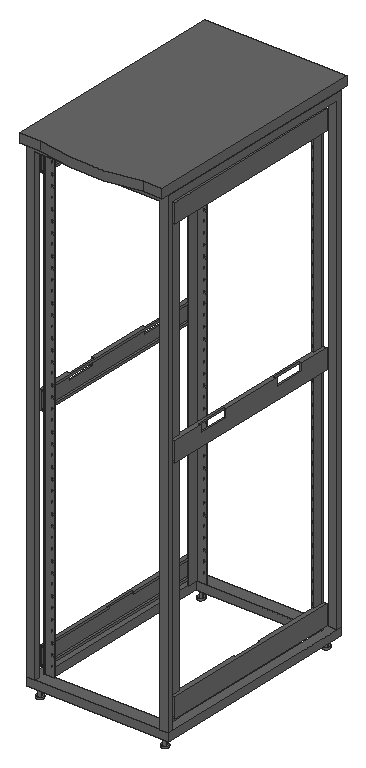
Revit family "V61A-45U-Without doors-09.04.14", category Electrical Equipment, Revit 2013
Parameters (values of type "V61A-45U")
  Weight = 0.00 lbf
  Visibility Door Right [instance] = and(Side Panel Right, not(Hide Doors))  # no
  Visibility Door Left [instance] = and(Side Panel Left, not(Hide Doors))  # no
  Visibility Door Front [instance] = and(Door Front, not(Hide Doors))  # no
  Visibility Door Back [instance] = and(Door Back, not(Hide Doors))  # no
  Version = ""
  Usable Depth = 806.00 mm
  U/M = "EA"
  U Space = "45"
  System = "VPOD"
  Side Panel Right = no
  Side Panel Left = no
  Serial Number = ""
  Segment = "CSS"
  Ports = 0
  Mounting rail 45 U = SIEMON STEEL
  Mounting Rail Material = SIEMON STEEL
  Model = "V61A"
  Metal = SIEMON STEEL
  Manufacturer = "SIEMON"
  Lock = ""
  Loaded/Empty = "N/A"
  Item Group = "RACKS"
  Item Class = "1F"
  Hide Doors [instance] = no
  Door Front = no
  Door Construction Side = if(and(Side Panel Right, Side Panel Left), 2, if(and(not(Side Panel Right), not(Side Panel Left)), 0, 1))  # 0
  Door Construction Front = ""
  Door Construction Back = ""
  Door Back = no
  Description = "WARNING: PLEASE RELOAD FAMILY USING THE TYPE CATALOG"
  Color = "BLACK"
  Cabinet Width Overall = 600.00 mm
  Cabinet Height = 2150.00 mm
  Cabinet Depth = 1000.00 mm
Reference planes
  plane 1 "Center (Front/Back)": y = 0
  plane 2: z = 0
  plane 3 "Center (Left/Right)": x = 0
  plane 4: z = 2011.4
  plane 5: z = 1966.95
  plane 6: z = 1922.5
  plane 7: z = 1878.05
  plane 8: z = 1833.6
  plane 9: z = 1789.15
  plane 10: z = 1744.7
  plane 11: z = 1700.25
  plane 12: z = 1655.8
  plane 13: z = 1611.35
  plane 14: z = 1566.9
  plane 15: z = 1522.45
  plane 16: z = 1478
  plane 17: z = 1433.55
  plane 18: z = 1389.1
  plane 19: z = 1344.65
  plane 20: z = 1300.2
  plane 21: z = 1255.75
  plane 22: z = 1211.3
  plane 23: z = 1166.85
  plane 24: z = 1122.4
  plane 25: z = 1077.95
  plane 26: z = 1033.5
  plane 27: z = 989.05
  plane 28: z = 944.6
  plane 29: z = 900.15
  plane 30: z = 855.7
  plane 31: z = 811.25
  plane 32: z = 766.8
  plane 33: z = 722.35
  plane 34: z = 677.9
  plane 35: z = 633.45
  plane 36: z = 589
  plane 37: z = 544.55
  plane 38: z = 500.1
  plane 39: z = 455.65
  plane 40: z = 411.2
  plane 41: z = 366.75
  plane 42: z = 322.3
  plane 43: z = 277.85
  plane 44: z = 233.4
  plane 45: z = 188.95
  plane 46: z = 144.5
  plane 47: z = 100.05
  plane 48: z = 2055.85
Forms (mm)
  Extrusion 1, solid, material "SIEMON STEEL" <- "Mounting rail 45 U"
    sketch origin (0, -15, 10) x (1, 0, 0) y (0, 1, 0)
      loop
        line (301.386, 985.014) -> (-298.7, 985.014) -> (-298.7, 75) -> (301.386, 75) -> (301.386, 985.014)
    from 2067.5 to 2098.45
  Extrusion 2, solid, material "SIEMON STEEL" <- "Mounting rail 45 U"
    sketch origin (0.137, -90, 0) x (1, 0, 0) y (0, 1, 0)
      loop
        line (266.25, 170.06) -> (266.25, 150) -> (301.25, 150) -> (301.25, 170.06) -> (266.25, 170.06)
      loop
        line (-298.75, 170.06) -> (-298.75, 150) -> (-263.75, 150) -> (-263.75, 170.06) -> (-298.75, 170.06)
      loop
        line (301.25, 1039.94) -> (301.25, 1060) -> (266.25, 1060) -> (266.25, 1039.94) -> (301.25, 1039.94)
      loop
        line (-298.75, 1039.94) -> (-263.75, 1039.94) -> (-263.75, 1060) -> (-298.75, 1060) -> (-298.75, 1039.94)
    from 76.059 to 2077.5
  Extrusion 3, solid, material "SIEMON STEEL" <- "Mounting Rail Material"
    sketch origin (0.02, 0, 10.625) x (1, 0, 0) y (0, 1, 0)
      loop
        line (-298.72, 968.662) -> (-298.72, 60.1) -> (301.366, 60.1) -> (301.366, 968.662) -> (-298.72, 968.662)
      loop
        line (-265, 913.302) -> (-265, 116.7) -> (265, 116.7) -> (265, 913.302) -> (-265, 913.302)
    from 31.504 to 65.034
  Extrusion 4, solid, material "Cold rolled steel (CRS)", detail levels medium+fine
    sketch origin (-25.335, 547.951, 0) x (1, 0, 0) y (0, 1, 0)
      loop
        circle (289.695, 392.503) r 15
    from 0 to 5.027
  Extrusion 5, solid
    sketch origin (114.531, 0, -10) x (1, 0, 0) y (0, 1, 0)
      loop
        circle (149.594, 940.281) r 6
    from 15.027 to 52.129
  Extrusion 6, solid, material "Cold rolled steel (CRS)", detail levels medium+fine
    sketch origin (554.046, 480.196, 0) x (-1, 0, 0) y (0, -1, 0)
      loop
        circle (289.695, 392.503) r 15
    from 0 to 5.027
  Extrusion 7, solid
    sketch origin (413.75, 1028.147, 3.439) x (-1, 0, 0) y (0, -1, 0)
      loop
        circle (149.594, 940.281) r 6
    from 1.589 to 38.69
  Extrusion 8, solid, material "SIEMON STEEL"
    sketch origin (0, -0.108, 10) x (1, 0, 0) y (0, 1, 0)
      loop
        line (-298.7, 27.143) -> (-215.3, 27.143)
        arc (-215.3, 27.143) -> (1.343, 0.448) -> (217.986, 27.143) r 892.42
        line (217.986, 27.143) -> (301.386, 27.143) -> (301.386, 1000.156) -> (-298.7, 1000.156) -> (-298.7, 27.143)
    from 2102.5 to 2140
  Extrusion 9, solid, material "Cold rolled steel (CRS)", detail levels medium+fine
    sketch origin (25.375, 547.951, 0) x (-1, 0, 0) y (0, -1, 0)
      loop
        circle (289.695, -392.503) r 15
    from 0 to 5.027
  Extrusion 10, solid
    sketch origin (-114.491, 0, -10) x (-1, 0, 0) y (0, -1, 0)
      loop
        circle (149.594, -940.281) r 6
    from 15.027 to 52.129
  Extrusion 11, solid, material "Cold rolled steel (CRS)", detail levels medium+fine
    sketch origin (-554.007, 480.196, 0) x (1, 0, 0) y (0, 1, 0)
      loop
        circle (289.695, -392.503) r 15
    from 0 to 5.027
  Extrusion 12, solid
    sketch origin (-413.71, 1028.147, 3.439) x (1, 0, 0) y (0, 1, 0)
      loop
        circle (149.594, -940.281) r 6
    from 1.589 to 38.69
Cuts and joins
  joined: Extrusion 1, Extrusion 2
Lines and regions (mm)
  model lines, detail levels coarse+fine
    curve 1: line (154.83, 904.97, 2151.25) -> (-156.781, 904.97, 2151.25)
    curve 2: line (-161.781, 899.97, 2151.25) -> (-161.781, 861.539, 2151.25)
    curve 3: line (-156.781, 856.539, 2151.25) -> (154.83, 856.539, 2151.25)
    curve 4: arc (-156.781, 904.97, 2151.25) -> (-160.317, 903.506, 2151.25) -> (-161.781, 899.97, 2151.25) r 5
    curve 5: arc (-161.781, 861.539, 2151.25) -> (-160.317, 858.003, 2151.25) -> (-156.781, 856.539, 2151.25) r 5
    curve 6: line (-158.781, 899.97, 2151.25) -> (-158.781, 877.002, 2151.25)
    curve 7: arc (-158.781, 861.539, 2151.25) -> (-158.196, 860.124, 2151.25) -> (-156.781, 859.539, 2151.25) r 2
    curve 8: line (-156.781, 859.539, 2151.25) -> (154.83, 859.539, 2151.25)
    curve 9: line (154.83, 901.97, 2151.25) -> (-156.781, 901.97, 2151.25)
    curve 10: arc (-156.781, 901.97, 2151.25) -> (-158.196, 901.385, 2151.25) -> (-158.781, 899.97, 2151.25) r 2
    curve 11: line (-158.781, 877.002, 2151.25) -> (-158.781, 861.539, 2151.25)
    curve 12: line (159.83, 899.97, 2151.25) -> (159.83, 861.539, 2151.25)
    curve 13: arc (154.83, 904.97, 2151.25) -> (158.366, 903.506, 2151.25) -> (159.83, 899.97, 2151.25) r 5
    curve 14: arc (159.83, 861.539, 2151.25) -> (158.366, 858.003, 2151.25) -> (154.83, 856.539, 2151.25) r 5
    curve 15: line (156.83, 899.97, 2151.25) -> (156.83, 877.002, 2151.25)
    curve 16: arc (156.83, 861.539, 2151.25) -> (156.244, 860.124, 2151.25) -> (154.83, 859.539, 2151.25) r 2
    curve 17: arc (154.83, 901.97, 2151.25) -> (156.244, 901.385, 2151.25) -> (156.83, 899.97, 2151.25) r 2
    curve 18: line (156.83, 877.002, 2151.25) -> (156.83, 861.539, 2151.25)
    curve 19: circle (228.086, 958.058, 2151.25) r 3.361 normal (0, 0, 1)
    curve 20: circle (-239.74, 958.058, 2151.25) r 3.361 normal (0, 0, -1)
    curve 21: circle (-259.391, 929.515, 2151.25) r 6.221 normal (0, 0, 1)
    curve 22: circle (257.661, 929.515, 2151.25) r 6.221 normal (0, 0, -1)
    curve 23: line (236.892, 762.002, 2151.25) -> (-238.02, 762.002, 2151.25)
    curve 24: line (240.895, 757.999, 2151.25) -> (236.892, 762.002, 2151.25)
    curve 25: circle (-162.497, 748.584, 2151.25) r 6.221 normal (0, 0, 1)
    curve 26: circle (163.18, 748.584, 2151.25) r 6.221 normal (0, 0, 1)
    curve 27: line (236.892, 589.225, 2151.25) -> (-238.02, 589.225, 2151.25)
    curve 28: line (-238.02, 589.225, 2151.25) -> (-242.023, 593.227, 2151.25)
    curve 29: line (-242.023, 593.227, 2151.25) -> (-242.023, 757.999, 2151.25)
    curve 30: line (240.895, 757.999, 2151.25) -> (240.895, 593.227, 2151.25)
    curve 31: line (240.895, 593.227, 2151.25) -> (236.892, 589.225, 2151.25)
    curve 32: circle (-162.497, 602.642, 2151.25) r 6.221 normal (0, 0, -1)
    curve 33: circle (163.18, 602.642, 2151.25) r 6.221 normal (0, 0, -1)
    curve 34: line (-242.023, 757.999, 2151.25) -> (-238.02, 762.002, 2151.25)
    curve 35: line (178.58, 213.08, 2151.25) -> (178.58, 524.692, 2151.25)
    curve 36: line (183.58, 529.692, 2151.25) -> (219.512, 529.692, 2151.25)
    curve 37: line (224.512, 524.692, 2151.25) -> (224.512, 213.08, 2151.25)
    curve 38: arc (178.58, 524.692, 2151.25) -> (180.045, 528.227, 2151.25) -> (183.58, 529.692, 2151.25) r 5
    curve 39: arc (219.512, 529.692, 2151.25) -> (223.048, 528.227, 2151.25) -> (224.512, 524.692, 2151.25) r 5
    curve 40: line (183.58, 526.692, 2151.25) -> (199.044, 526.692, 2151.25)
    curve 41: arc (219.512, 526.692, 2151.25) -> (220.926, 526.106, 2151.25) -> (221.512, 524.692, 2151.25) r 2
    curve 42: line (221.512, 524.692, 2151.25) -> (221.512, 213.08, 2151.25)
    curve 43: line (181.58, 213.08, 2151.25) -> (181.58, 524.692, 2151.25)
    curve 44: arc (181.58, 524.692, 2151.25) -> (182.166, 526.106, 2151.25) -> (183.58, 526.692, 2151.25) r 2
    curve 45: line (199.044, 526.692, 2151.25) -> (219.512, 526.692, 2151.25)
    curve 46: line (183.58, 208.08, 2151.25) -> (219.512, 208.08, 2151.25)
    curve 47: arc (178.58, 213.08, 2151.25) -> (180.045, 209.545, 2151.25) -> (183.58, 208.08, 2151.25) r 5
    curve 48: arc (219.512, 208.08, 2151.25) -> (223.048, 209.545, 2151.25) -> (224.512, 213.08, 2151.25) r 5
    curve 49: line (183.58, 211.08, 2151.25) -> (199.044, 211.08, 2151.25)
    curve 50: arc (219.512, 211.08, 2151.25) -> (220.926, 211.666, 2151.25) -> (221.512, 213.08, 2151.25) r 2
    curve 51: arc (181.58, 213.08, 2151.25) -> (182.166, 211.666, 2151.25) -> (183.58, 211.08, 2151.25) r 2
    curve 52: line (199.044, 211.08, 2151.25) -> (219.512, 211.08, 2151.25)
    curve 53: line (-179.708, 213.08, 2151.25) -> (-179.708, 524.692, 2151.25)
    curve 54: line (-184.708, 529.692, 2151.25) -> (-220.64, 529.692, 2151.25)
    curve 55: line (-225.64, 524.692, 2151.25) -> (-225.64, 213.08, 2151.25)
    curve 56: arc (-179.708, 524.692, 2151.25) -> (-181.172, 528.227, 2151.25) -> (-184.708, 529.692, 2151.25) r 5
    curve 57: arc (-220.64, 529.692, 2151.25) -> (-224.175, 528.227, 2151.25) -> (-225.64, 524.692, 2151.25) r 5
    curve 58: line (-184.708, 526.692, 2151.25) -> (-205.176, 526.692, 2151.25)
    curve 59: arc (-220.64, 526.692, 2151.25) -> (-222.054, 526.106, 2151.25) -> (-222.64, 524.692, 2151.25) r 2
    curve 60: line (-222.64, 524.692, 2151.25) -> (-222.64, 213.08, 2151.25)
    curve 61: line (-182.708, 213.08, 2151.25) -> (-182.708, 524.692, 2151.25)
    curve 62: arc (-182.708, 524.692, 2151.25) -> (-183.293, 526.106, 2151.25) -> (-184.708, 526.692, 2151.25) r 2
    curve 63: line (-205.176, 526.692, 2151.25) -> (-220.64, 526.692, 2151.25)
    curve 64: line (-184.708, 208.08, 2151.25) -> (-220.64, 208.08, 2151.25)
    curve 65: arc (-179.708, 213.08, 2151.25) -> (-181.172, 209.545, 2151.25) -> (-184.708, 208.08, 2151.25) r 5
    curve 66: arc (-220.64, 208.08, 2151.25) -> (-224.175, 209.545, 2151.25) -> (-225.64, 213.08, 2151.25) r 5
    curve 67: line (-184.708, 211.08, 2151.25) -> (-205.176, 211.08, 2151.25)
    curve 68: arc (-220.64, 211.08, 2151.25) -> (-222.054, 211.666, 2151.25) -> (-222.64, 213.08, 2151.25) r 2
    curve 69: arc (-182.708, 213.08, 2151.25) -> (-183.293, 211.666, 2151.25) -> (-184.708, 211.08, 2151.25) r 2
    curve 70: line (-205.176, 211.08, 2151.25) -> (-220.64, 211.08, 2151.25)
    curve 71: circle (228.086, 72.089, 2151.25) r 3.361 normal (0, 0, -1)
    curve 72: circle (-239.74, 72.089, 2151.25) r 3.361 normal (0, 0, 1)
    curve 73: circle (-259.391, 93.132, 2151.25) r 6.221 normal (0, 0, -1)
    curve 74: circle (257.661, 93.132, 2151.25) r 6.221 normal (0, 0, 1)
    curve 75: line (158.357, 166.045, 2151.25) -> (-153.254, 166.045, 2151.25)
    curve 76: line (-158.254, 161.045, 2151.25) -> (-158.254, 122.613, 2151.25)
    curve 77: line (-153.254, 117.613, 2151.25) -> (158.357, 117.613, 2151.25)
    curve 78: arc (-153.254, 166.045, 2151.25) -> (-156.79, 164.581, 2151.25) -> (-158.254, 161.045, 2151.25) r 5
    curve 79: arc (-158.254, 122.613, 2151.25) -> (-156.79, 119.078, 2151.25) -> (-153.254, 117.613, 2151.25) r 5
    curve 80: line (-155.254, 161.045, 2151.25) -> (-155.254, 138.077, 2151.25)
    curve 81: arc (-155.254, 122.613, 2151.25) -> (-154.668, 121.199, 2151.25) -> (-153.254, 120.613, 2151.25) r 2
    curve 82: line (-153.254, 120.613, 2151.25) -> (158.357, 120.613, 2151.25)
    curve 83: line (158.357, 163.045, 2151.25) -> (-153.254, 163.045, 2151.25)
    curve 84: arc (-153.254, 163.045, 2151.25) -> (-154.668, 162.459, 2151.25) -> (-155.254, 161.045, 2151.25) r 2
    curve 85: line (-155.254, 138.077, 2151.25) -> (-155.254, 122.613, 2151.25)
    curve 86: line (163.357, 161.045, 2151.25) -> (163.357, 122.613, 2151.25)
    curve 87: arc (158.357, 166.045, 2151.25) -> (161.893, 164.581, 2151.25) -> (163.357, 161.045, 2151.25) r 5
    curve 88: arc (163.357, 122.613, 2151.25) -> (161.893, 119.078, 2151.25) -> (158.357, 117.613, 2151.25) r 5
    curve 89: line (160.357, 161.045, 2151.25) -> (160.357, 145.582, 2151.25)
    curve 90: arc (160.357, 122.613, 2151.25) -> (159.772, 121.199, 2151.25) -> (158.357, 120.613, 2151.25) r 2
    curve 91: arc (158.357, 163.045, 2151.25) -> (159.772, 162.459, 2151.25) -> (160.357, 161.045, 2151.25) r 2
    curve 92: line (160.357, 145.582, 2151.25) -> (160.357, 122.613, 2151.25)
Dimensions and locks
  Extrusion 8 to Extrusion 6 = 2150.00 mm
  Extrusion 8 to Extrusion 8 = 600.086 mm
Nested families
  nested 1: "VersaPOD-Frame" at (0.084, 486.862, -7.333), type "VersaPOD-Frame"
  nested 2: "VersaPOD-Frame" at (0.853, 486.862, -7.333) x (-1, 0, 0) z (0, 0, 1), type "VersaPOD-Frame"
  nested 3: "VersaPOD-Frame" at (0.853, 543.86, -7.333) x (-1, 0, 0) z (0, 0, 1), type "VersaPOD-Frame"
  nested 4: "VersaPOD-Frame" at (0.084, 543.841, -7.333), type "VersaPOD-Frame"
  nested 5: "CC" at (177.79, 77.47, 1070.285) x (0, -1, 0) z (1, 0, 0), type "CC"
  nested 6: "CC" at (-177.79, 76.22, 1070.285) x (0, -1, 0) z (-1, 0, 0), type "CC"
  nested 7: "CC-new" at (177.813, 954.94, 100.3) x (0, 1, 0) z (1, 0, 0), type "CC-new"
  nested 8: "CC-new" at (-177.813, 954.94, 100.3) x (0, 1, 0) z (-1, 0, 0), type "CC-new"
  nested 9: "CC-new" at (177.813, 954.94, 1972.8) x (0, 1, 0) z (1, 0, 0), type "CC-new"
  nested 10: "CC-new" at (-177.812, 954.94, 1972.8) x (0, 1, 0) z (-1, 0, 0), type "CC-new"
Definition of nested family "VersaPOD-Frame"
  Parameters (values of type "VersaPOD-Frame")
    Material = none
    Assembly Code = ""
  Reference planes
    plane 1 "Center (Front/Back)": y = 0
    plane 2: z = 0
    plane 3 "Center (Left/Right)": x = 0
  Forms (mm)
    Extrusion 1, solid, material "SIEMON STEEL(1)"
      sketch origin (168.748, 374.529, 83.392) x (-1, 0, 0) y (0, 0, 1)
        loop
          line (-97.502, 2001.4) -> (-97.502, 0) -> (-54.5, 0) -> (-54.5, 2001.4) -> (-97.502, 2001.4)
        loop
          line (-66.648, 1999.2) -> (-66.648, 1989.7) -> (-57.148, 1989.7) -> (-57.148, 1999.2) -> (-66.648, 1999.2)
        loop
          line (-66.648, 1954.997) -> (-66.648, 1945.497) -> (-57.148, 1945.497) -> (-57.148, 1954.997) -> (-66.648, 1954.997)
        loop
          line (-66.648, 1901.097) -> (-57.148, 1901.097) -> (-57.148, 1910.597) -> (-66.648, 1910.597) -> (-66.648, 1901.097)
        loop
          line (-66.648, 1866.197) -> (-66.648, 1856.697) -> (-57.148, 1856.697) -> (-57.148, 1866.197) -> (-66.648, 1866.197)
        loop
          line (-66.648, 1777.397) -> (-66.648, 1767.897) -> (-57.148, 1767.897) -> (-57.148, 1777.397) -> (-66.648, 1777.397)
        loop
          line (-66.648, 1812.297) -> (-57.148, 1812.297) -> (-57.148, 1821.797) -> (-66.648, 1821.797) -> (-66.648, 1812.297)
        loop
          line (-66.648, 1599.797) -> (-66.648, 1590.297) -> (-57.148, 1590.297) -> (-57.148, 1599.797) -> (-66.648, 1599.797)
        loop
          line (-66.648, 1634.697) -> (-57.148, 1634.697) -> (-57.148, 1644.197) -> (-66.648, 1644.197) -> (-66.648, 1634.697)
        loop
          line (-66.648, 1723.497) -> (-57.148, 1723.497) -> (-57.148, 1732.997) -> (-66.648, 1732.997) -> (-66.648, 1723.497)
        loop
          line (-66.648, 1688.597) -> (-66.648, 1679.097) -> (-57.148, 1679.097) -> (-57.148, 1688.597) -> (-66.648, 1688.597)
        loop
          line (-66.648, 1244.597) -> (-66.648, 1235.097) -> (-57.148, 1235.097) -> (-57.148, 1244.597) -> (-66.648, 1244.597)
        loop
          line (-66.648, 1279.497) -> (-57.148, 1279.497) -> (-57.148, 1288.997) -> (-66.648, 1288.997) -> (-66.648, 1279.497)
        loop
          line (-66.648, 1368.297) -> (-57.148, 1368.297) -> (-57.148, 1377.797) -> (-66.648, 1377.797) -> (-66.648, 1368.297)
        loop
          line (-66.648, 1333.397) -> (-66.648, 1323.897) -> (-57.148, 1323.897) -> (-57.148, 1333.397) -> (-66.648, 1333.397)
        loop
          line (-66.648, 1545.897) -> (-57.148, 1545.897) -> (-57.148, 1555.397) -> (-66.648, 1555.397) -> (-66.648, 1545.897)
        loop
          line (-66.648, 1510.997) -> (-66.648, 1501.497) -> (-57.148, 1501.497) -> (-57.148, 1510.997) -> (-66.648, 1510.997)
        loop
          line (-66.648, 1422.197) -> (-66.648, 1412.697) -> (-57.148, 1412.697) -> (-57.148, 1422.197) -> (-66.648, 1422.197)
        loop
          line (-66.648, 1457.097) -> (-57.148, 1457.097) -> (-57.148, 1466.597) -> (-66.648, 1466.597) -> (-66.648, 1457.097)
        loop
          line (-66.648, 534.197) -> (-66.648, 524.697) -> (-57.148, 524.697) -> (-57.148, 534.197) -> (-66.648, 534.197)
        loop
          line (-66.648, 569.097) -> (-57.148, 569.097) -> (-57.148, 578.597) -> (-66.648, 578.597) -> (-66.648, 569.097)
        loop
          line (-66.648, 657.897) -> (-57.148, 657.897) -> (-57.148, 667.397) -> (-66.648, 667.397) -> (-66.648, 657.897)
        loop
          line (-66.648, 622.997) -> (-66.648, 613.497) -> (-57.148, 613.497) -> (-57.148, 622.997) -> (-66.648, 622.997)
        loop
          line (-66.648, 835.497) -> (-57.148, 835.497) -> (-57.148, 844.997) -> (-66.648, 844.997) -> (-66.648, 835.497)
        loop
          line (-66.648, 800.597) -> (-66.648, 791.097) -> (-57.148, 791.097) -> (-57.148, 800.597) -> (-66.648, 800.597)
        loop
          line (-66.648, 711.797) -> (-66.648, 702.297) -> (-57.148, 702.297) -> (-57.148, 711.797) -> (-66.648, 711.797)
        loop
          line (-66.648, 746.697) -> (-57.148, 746.697) -> (-57.148, 756.197) -> (-66.648, 756.197) -> (-66.648, 746.697)
        loop
          line (-66.648, 1190.697) -> (-57.148, 1190.697) -> (-57.148, 1200.197) -> (-66.648, 1200.197) -> (-66.648, 1190.697)
        loop
          line (-66.648, 1155.797) -> (-66.648, 1146.297) -> (-57.148, 1146.297) -> (-57.148, 1155.797) -> (-66.648, 1155.797)
        loop
          line (-66.648, 1066.997) -> (-66.648, 1057.497) -> (-57.148, 1057.497) -> (-57.148, 1066.997) -> (-66.648, 1066.997)
        loop
          line (-66.648, 1101.897) -> (-57.148, 1101.897) -> (-57.148, 1111.397) -> (-66.648, 1111.397) -> (-66.648, 1101.897)
        loop
          line (-66.648, 889.397) -> (-66.648, 879.897) -> (-57.148, 879.897) -> (-57.148, 889.397) -> (-66.648, 889.397)
        loop
          line (-66.648, 924.297) -> (-57.148, 924.297) -> (-57.148, 933.797) -> (-66.648, 933.797) -> (-66.648, 924.297)
        loop
          line (-66.648, 1013.097) -> (-57.148, 1013.097) -> (-57.148, 1022.597) -> (-66.648, 1022.597) -> (-66.648, 1013.097)
        loop
          line (-66.648, 978.197) -> (-66.648, 968.697) -> (-57.148, 968.697) -> (-57.148, 978.197) -> (-66.648, 978.197)
        loop
          line (-66.648, 480.297) -> (-57.148, 480.297) -> (-57.148, 489.797) -> (-66.648, 489.797) -> (-66.648, 480.297)
        loop
          line (-66.648, 445.397) -> (-66.648, 435.897) -> (-57.148, 435.897) -> (-57.148, 445.397) -> (-66.648, 445.397)
        loop
          line (-66.648, 356.597) -> (-66.648, 347.097) -> (-57.148, 347.097) -> (-57.148, 356.597) -> (-66.648, 356.597)
        loop
          line (-66.648, 391.497) -> (-57.148, 391.497) -> (-57.148, 400.997) -> (-66.648, 400.997) -> (-66.648, 391.497)
        loop
          line (-66.648, 178.997) -> (-66.648, 169.497) -> (-57.148, 169.497) -> (-57.148, 178.997) -> (-66.648, 178.997)
        loop
          line (-66.648, 213.897) -> (-57.148, 213.897) -> (-57.148, 223.397) -> (-66.648, 223.397) -> (-66.648, 213.897)
        loop
          line (-66.648, 302.697) -> (-57.148, 302.697) -> (-57.148, 312.197) -> (-66.648, 312.197) -> (-66.648, 302.697)
        loop
          line (-66.648, 267.797) -> (-66.648, 258.297) -> (-57.148, 258.297) -> (-57.148, 267.797) -> (-66.648, 267.797)
        loop
          line (-66.648, 125.097) -> (-57.148, 125.097) -> (-57.148, 134.597) -> (-66.648, 134.597) -> (-66.648, 125.097)
        loop
          line (-66.648, 90.197) -> (-66.648, 80.697) -> (-57.148, 80.697) -> (-57.148, 90.197) -> (-66.648, 90.197)
        loop
          line (-66.648, 36.297) -> (-57.148, 36.297) -> (-57.148, 45.797) -> (-66.648, 45.797) -> (-66.648, 36.297)
      from -2 to 0
    Extrusion 2, solid, material "SIEMON STEEL(1)"
      sketch origin (264.25, 275.026, 83.392) x (0, -1, 0) y (0, 0, 1)
        loop
          line (-97.502, 2001.4) -> (-97.502, 0) -> (-54.5, 0) -> (-54.5, 2001.4) -> (-97.502, 2001.4)
      from -2 to 0
  Lines and regions (mm)
    model lines
      curve 1: line (266.251, 332.174, 2082.592) -> (266.251, 341.674, 2082.592)
      curve 2: line (266.251, 332.174, 2073.092) -> (266.251, 332.174, 2082.592)
      curve 3: line (266.251, 341.674, 2073.092) -> (266.251, 332.174, 2073.092)
      curve 4: line (266.251, 341.674, 2082.592) -> (266.251, 341.674, 2073.092)
      curve 5: line (266.251, 332.174, 2038.311) -> (266.251, 341.674, 2038.311)
      curve 6: line (266.251, 332.174, 2028.811) -> (266.251, 332.174, 2038.311)
      curve 7: line (266.251, 341.674, 2028.811) -> (266.251, 332.174, 2028.811)
      curve 8: line (266.251, 341.674, 2038.311) -> (266.251, 341.674, 2028.811)
      curve 9: line (266.251, 332.174, 1993.911) -> (266.251, 341.674, 1993.911)
      curve 10: line (266.251, 332.174, 1984.411) -> (266.251, 332.174, 1993.911)
      curve 11: line (266.251, 341.674, 1984.411) -> (266.251, 332.174, 1984.411)
      curve 12: line (266.251, 341.674, 1993.911) -> (266.251, 341.674, 1984.411)
      curve 13: line (266.251, 332.174, 1772.269) -> (266.251, 341.674, 1772.269)
      curve 14: line (266.251, 332.174, 1762.769) -> (266.251, 332.174, 1772.269)
      curve 15: line (266.251, 341.674, 1762.769) -> (266.251, 332.174, 1762.769)
      curve 16: line (266.251, 341.674, 1772.269) -> (266.251, 341.674, 1762.769)
      curve 17: line (266.251, 332.174, 1727.988) -> (266.251, 341.674, 1727.988)
      curve 18: line (266.251, 332.174, 1718.488) -> (266.251, 332.174, 1727.988)
      curve 19: line (266.251, 341.674, 1718.488) -> (266.251, 332.174, 1718.488)
      curve 20: line (266.251, 341.674, 1727.988) -> (266.251, 341.674, 1718.488)
      curve 21: line (266.251, 332.174, 1683.588) -> (266.251, 341.674, 1683.588)
      curve 22: line (266.251, 332.174, 1674.088) -> (266.251, 332.174, 1683.588)
      curve 23: line (266.251, 341.674, 1674.088) -> (266.251, 332.174, 1674.088)
      curve 24: line (266.251, 341.674, 1683.588) -> (266.251, 341.674, 1674.088)
      curve 25: line (266.251, 332.174, 1461.827) -> (266.251, 341.674, 1461.827)
      curve 26: line (266.251, 332.174, 1452.327) -> (266.251, 332.174, 1461.827)
      curve 27: line (266.251, 341.674, 1452.327) -> (266.251, 332.174, 1452.327)
      curve 28: line (266.251, 341.674, 1461.827) -> (266.251, 341.674, 1452.327)
      curve 29: line (266.251, 332.174, 1417.547) -> (266.251, 341.674, 1417.547)
      curve 30: line (266.251, 332.174, 1408.047) -> (266.251, 332.174, 1417.547)
      curve 31: line (266.251, 341.674, 1408.047) -> (266.251, 332.174, 1408.047)
      curve 32: line (266.251, 341.674, 1417.547) -> (266.251, 341.674, 1408.047)
      curve 33: line (266.251, 332.174, 1373.147) -> (266.251, 341.674, 1373.147)
      curve 34: line (266.251, 332.174, 1363.647) -> (266.251, 332.174, 1373.147)
      curve 35: line (266.251, 341.674, 1363.647) -> (266.251, 332.174, 1363.647)
      curve 36: line (266.251, 341.674, 1373.147) -> (266.251, 341.674, 1363.647)
      curve 37: line (266.251, 332.174, 1151.505) -> (266.251, 341.674, 1151.505)
      curve 38: line (266.251, 332.174, 1142.005) -> (266.251, 332.174, 1151.505)
      curve 39: line (266.251, 341.674, 1142.005) -> (266.251, 332.174, 1142.005)
      curve 40: line (266.251, 341.674, 1151.505) -> (266.251, 341.674, 1142.005)
      curve 41: line (266.251, 332.174, 1107.224) -> (266.251, 341.674, 1107.224)
      curve 42: line (266.251, 332.174, 1097.724) -> (266.251, 332.174, 1107.224)
      curve 43: line (266.251, 341.674, 1097.724) -> (266.251, 332.174, 1097.724)
      curve 44: line (266.251, 341.674, 1107.224) -> (266.251, 341.674, 1097.724)
      curve 45: line (266.251, 332.174, 1062.824) -> (266.251, 341.674, 1062.824)
      curve 46: line (266.251, 332.174, 1053.324) -> (266.251, 332.174, 1062.824)
      curve 47: line (266.251, 341.674, 1053.324) -> (266.251, 332.174, 1053.324)
      curve 48: line (266.251, 341.674, 1062.824) -> (266.251, 341.674, 1053.324)
      curve 49: line (266.251, 332.174, 841.068) -> (266.251, 341.674, 841.068)
      curve 50: line (266.251, 332.174, 831.568) -> (266.251, 332.174, 841.068)
      curve 51: line (266.251, 341.674, 831.568) -> (266.251, 332.174, 831.568)
      curve 52: line (266.251, 341.674, 841.068) -> (266.251, 341.674, 831.568)
      curve 53: line (266.251, 332.174, 796.787) -> (266.251, 341.674, 796.787)
      curve 54: line (266.251, 332.174, 787.287) -> (266.251, 332.174, 796.787)
      curve 55: line (266.251, 341.674, 787.287) -> (266.251, 332.174, 787.287)
      curve 56: line (266.251, 341.674, 796.787) -> (266.251, 341.674, 787.287)
      curve 57: line (266.251, 332.174, 752.387) -> (266.251, 341.674, 752.387)
      curve 58: line (266.251, 332.174, 742.887) -> (266.251, 332.174, 752.387)
      curve 59: line (266.251, 341.674, 742.887) -> (266.251, 332.174, 742.887)
      curve 60: line (266.251, 341.674, 752.387) -> (266.251, 341.674, 742.887)
      curve 61: line (266.251, 332.174, 530.746) -> (266.251, 341.674, 530.746)
      curve 62: line (266.251, 332.174, 521.246) -> (266.251, 332.174, 530.746)
      curve 63: line (266.251, 341.674, 521.246) -> (266.251, 332.174, 521.246)
      curve 64: line (266.251, 341.674, 530.746) -> (266.251, 341.674, 521.246)
      curve 65: line (266.251, 332.174, 486.465) -> (266.251, 341.674, 486.465)
      curve 66: line (266.251, 332.174, 476.965) -> (266.251, 332.174, 486.465)
      curve 67: line (266.251, 341.674, 476.965) -> (266.251, 332.174, 476.965)
      curve 68: line (266.251, 341.674, 486.465) -> (266.251, 341.674, 476.965)
      curve 69: line (266.251, 332.174, 442.065) -> (266.251, 341.674, 442.065)
      curve 70: line (266.251, 332.174, 432.565) -> (266.251, 332.174, 442.065)
      curve 71: line (266.251, 341.674, 432.565) -> (266.251, 332.174, 432.565)
      curve 72: line (266.251, 341.674, 442.065) -> (266.251, 341.674, 432.565)
      curve 73: line (266.251, 332.174, 220.304) -> (266.251, 341.674, 220.304)
      curve 74: line (266.251, 332.174, 210.804) -> (266.251, 332.174, 220.304)
      curve 75: line (266.251, 341.674, 210.804) -> (266.251, 332.174, 210.804)
      curve 76: line (266.251, 341.674, 220.304) -> (266.251, 341.674, 210.804)
      curve 77: line (266.251, 332.174, 176.023) -> (266.251, 341.674, 176.023)
      curve 78: line (266.251, 332.174, 166.523) -> (266.251, 332.174, 176.023)
      curve 79: line (266.251, 341.674, 166.523) -> (266.251, 332.174, 166.523)
      curve 80: line (266.251, 341.674, 176.023) -> (266.251, 341.674, 166.523)
      curve 81: line (266.251, 332.174, 131.623) -> (266.251, 341.674, 131.623)
      curve 82: line (266.251, 332.174, 122.123) -> (266.251, 332.174, 131.623)
      curve 83: line (266.251, 341.674, 122.123) -> (266.251, 332.174, 122.123)
      curve 84: line (266.251, 341.674, 131.623) -> (266.251, 341.674, 122.123)
      curve 85: line (266.251, 332.174, 1949.63) -> (266.251, 341.674, 1949.63)
      curve 86: line (266.251, 332.174, 1940.13) -> (266.251, 332.174, 1949.63)
      curve 87: line (266.251, 341.674, 1940.13) -> (266.251, 332.174, 1940.13)
      curve 88: line (266.251, 341.674, 1949.63) -> (266.251, 341.674, 1940.13)
      curve 89: line (266.251, 332.174, 1905.23) -> (266.251, 341.674, 1905.23)
      curve 90: line (266.251, 332.174, 1895.73) -> (266.251, 332.174, 1905.23)
      curve 91: line (266.251, 341.674, 1895.73) -> (266.251, 332.174, 1895.73)
      curve 92: line (266.251, 341.674, 1905.23) -> (266.251, 341.674, 1895.73)
      curve 93: line (266.251, 332.174, 1860.95) -> (266.251, 341.674, 1860.95)
      curve 94: line (266.251, 332.174, 1851.45) -> (266.251, 332.174, 1860.95)
      curve 95: line (266.251, 341.674, 1851.45) -> (266.251, 332.174, 1851.45)
      curve 96: line (266.251, 341.674, 1860.95) -> (266.251, 341.674, 1851.45)
      curve 97: line (266.251, 332.174, 1816.55) -> (266.251, 341.674, 1816.55)
      curve 98: line (266.251, 332.174, 1807.05) -> (266.251, 332.174, 1816.55)
      curve 99: line (266.251, 341.674, 1807.05) -> (266.251, 332.174, 1807.05)
      curve 100: line (266.251, 341.674, 1816.55) -> (266.251, 341.674, 1807.05)
      curve 101: line (266.251, 332.174, 1639.308) -> (266.251, 341.674, 1639.308)
      curve 102: line (266.251, 332.174, 1629.808) -> (266.251, 332.174, 1639.308)
      curve 103: line (266.251, 341.674, 1629.808) -> (266.251, 332.174, 1629.808)
      curve 104: line (266.251, 341.674, 1639.308) -> (266.251, 341.674, 1629.808)
      curve 105: line (266.251, 332.174, 1594.908) -> (266.251, 341.674, 1594.908)
      curve 106: line (266.251, 332.174, 1585.408) -> (266.251, 332.174, 1594.908)
      curve 107: line (266.251, 341.674, 1585.408) -> (266.251, 332.174, 1585.408)
      curve 108: line (266.251, 341.674, 1594.908) -> (266.251, 341.674, 1585.408)
      curve 109: line (266.251, 332.174, 1550.627) -> (266.251, 341.674, 1550.627)
      curve 110: line (266.251, 332.174, 1541.127) -> (266.251, 332.174, 1550.627)
      curve 111: line (266.251, 341.674, 1541.127) -> (266.251, 332.174, 1541.127)
      curve 112: line (266.251, 341.674, 1550.627) -> (266.251, 341.674, 1541.127)
      curve 113: line (266.251, 332.174, 1506.227) -> (266.251, 341.674, 1506.227)
      curve 114: line (266.251, 332.174, 1496.727) -> (266.251, 332.174, 1506.227)
      curve 115: line (266.251, 341.674, 1496.727) -> (266.251, 332.174, 1496.727)
      curve 116: line (266.251, 341.674, 1506.227) -> (266.251, 341.674, 1496.727)
      curve 117: line (266.251, 332.174, 1328.866) -> (266.251, 341.674, 1328.866)
      curve 118: line (266.251, 332.174, 1319.366) -> (266.251, 332.174, 1328.866)
      curve 119: line (266.251, 341.674, 1319.366) -> (266.251, 332.174, 1319.366)
      curve 120: line (266.251, 341.674, 1328.866) -> (266.251, 341.674, 1319.366)
      curve 121: line (266.251, 332.174, 1284.466) -> (266.251, 341.674, 1284.466)
      curve 122: line (266.251, 332.174, 1274.966) -> (266.251, 332.174, 1284.466)
      curve 123: line (266.251, 341.674, 1274.966) -> (266.251, 332.174, 1274.966)
      curve 124: line (266.251, 341.674, 1284.466) -> (266.251, 341.674, 1274.966)
      curve 125: line (266.251, 332.174, 1240.185) -> (266.251, 341.674, 1240.185)
      curve 126: line (266.251, 332.174, 1230.685) -> (266.251, 332.174, 1240.185)
      curve 127: line (266.251, 341.674, 1230.685) -> (266.251, 332.174, 1230.685)
      curve 128: line (266.251, 341.674, 1240.185) -> (266.251, 341.674, 1230.685)
      curve 129: line (266.251, 332.174, 1195.785) -> (266.251, 341.674, 1195.785)
      curve 130: line (266.251, 332.174, 1186.285) -> (266.251, 332.174, 1195.785)
      curve 131: line (266.251, 341.674, 1186.285) -> (266.251, 332.174, 1186.285)
      curve 132: line (266.251, 341.674, 1195.785) -> (266.251, 341.674, 1186.285)
      curve 133: line (266.251, 332.174, 1018.543) -> (266.251, 341.674, 1018.543)
      curve 134: line (266.251, 332.174, 1009.043) -> (266.251, 332.174, 1018.543)
      curve 135: line (266.251, 341.674, 1009.043) -> (266.251, 332.174, 1009.043)
      curve 136: line (266.251, 341.674, 1018.543) -> (266.251, 341.674, 1009.043)
      curve 137: line (266.251, 332.174, 974.143) -> (266.251, 341.674, 974.143)
      curve 138: line (266.251, 332.174, 964.643) -> (266.251, 332.174, 974.143)
      curve 139: line (266.251, 341.674, 964.643) -> (266.251, 332.174, 964.643)
      curve 140: line (266.251, 341.674, 974.143) -> (266.251, 341.674, 964.643)
      curve 141: line (266.251, 332.174, 929.863) -> (266.251, 341.674, 929.863)
      curve 142: line (266.251, 332.174, 920.363) -> (266.251, 332.174, 929.863)
      curve 143: line (266.251, 341.674, 920.363) -> (266.251, 332.174, 920.363)
      curve 144: line (266.251, 341.674, 929.863) -> (266.251, 341.674, 920.363)
      curve 145: line (266.251, 332.174, 885.463) -> (266.251, 341.674, 885.463)
      curve 146: line (266.251, 332.174, 875.963) -> (266.251, 332.174, 885.463)
      curve 147: line (266.251, 341.674, 875.963) -> (266.251, 332.174, 875.963)
      curve 148: line (266.251, 341.674, 885.463) -> (266.251, 341.674, 875.963)
      curve 149: line (266.251, 332.174, 708.107) -> (266.251, 341.674, 708.107)
      curve 150: line (266.251, 332.174, 698.607) -> (266.251, 332.174, 708.107)
      curve 151: line (266.251, 341.674, 698.607) -> (266.251, 332.174, 698.607)
      curve 152: line (266.251, 341.674, 708.107) -> (266.251, 341.674, 698.607)
      curve 153: line (266.251, 332.174, 663.707) -> (266.251, 341.674, 663.707)
      curve 154: line (266.251, 332.174, 654.207) -> (266.251, 332.174, 663.707)
      curve 155: line (266.251, 341.674, 654.207) -> (266.251, 332.174, 654.207)
      curve 156: line (266.251, 341.674, 663.707) -> (266.251, 341.674, 654.207)
      curve 157: line (266.251, 332.174, 619.426) -> (266.251, 341.674, 619.426)
      curve 158: line (266.251, 332.174, 609.926) -> (266.251, 332.174, 619.426)
      curve 159: line (266.251, 341.674, 609.926) -> (266.251, 332.174, 609.926)
      curve 160: line (266.251, 341.674, 619.426) -> (266.251, 341.674, 609.926)
      curve 161: line (266.251, 332.174, 575.026) -> (266.251, 341.674, 575.026)
      curve 162: line (266.251, 332.174, 565.526) -> (266.251, 332.174, 575.026)
      curve 163: line (266.251, 341.674, 565.526) -> (266.251, 332.174, 565.526)
      curve 164: line (266.251, 341.674, 575.026) -> (266.251, 341.674, 565.526)
      curve 165: line (266.251, 332.174, 397.784) -> (266.251, 341.674, 397.784)
      curve 166: line (266.251, 332.174, 388.284) -> (266.251, 332.174, 397.784)
      curve 167: line (266.251, 341.674, 388.284) -> (266.251, 332.174, 388.284)
      curve 168: line (266.251, 341.674, 397.784) -> (266.251, 341.674, 388.284)
      curve 169: line (266.251, 332.174, 353.384) -> (266.251, 341.674, 353.384)
      curve 170: line (266.251, 332.174, 343.884) -> (266.251, 332.174, 353.384)
      curve 171: line (266.251, 341.674, 343.884) -> (266.251, 332.174, 343.884)
      curve 172: line (266.251, 341.674, 353.384) -> (266.251, 341.674, 343.884)
      curve 173: line (266.251, 332.174, 309.104) -> (266.251, 341.674, 309.104)
      curve 174: line (266.251, 332.174, 299.604) -> (266.251, 332.174, 309.104)
      curve 175: line (266.251, 341.674, 299.604) -> (266.251, 332.174, 299.604)
      curve 176: line (266.251, 341.674, 309.104) -> (266.251, 341.674, 299.604)
      curve 177: line (266.251, 332.174, 264.704) -> (266.251, 341.674, 264.704)
      curve 178: line (266.251, 332.174, 255.204) -> (266.251, 332.174, 264.704)
      curve 179: line (266.251, 341.674, 255.204) -> (266.251, 332.174, 255.204)
      curve 180: line (266.251, 341.674, 264.704) -> (266.251, 341.674, 255.204)
Definition of nested family "CC"
  Parameters (values of type "CC")
    Default Elevation = 1219.20 mm
  Reference planes
    plane 1 "Center (Front/Back)": y = 0
    plane 2: z = 0
    plane 3 "Center (Left/Right)": x = 0
  Forms (mm)
    Extrusion 1, solid
      sketch origin (0, 0, 0) x (1, 0, 0) y (0, 1, 0)
        loop
          line (-1219.2, 1219.2) -> (-1219.2, -1219.2) -> (1219.2, -1219.2) -> (1219.2, 1219.2) -> (-1219.2, 1219.2)
      from 0 to -7.47
    Extrusion 2, solid, material "SIEMON STEEL"
      sketch origin (-341.312, 0, 0) x (0, 1, 0) y (0, 0, 1)
        loop
          line (-1.769, 105.31) -> (-1.769, 87.225) -> (4.384, 87.225) -> (4.384, 98.86) -> (74.488, 98.86) -> (74.488, 87.225) -> (80.838, 87.225) -> (80.838, 105.31) -> (-1.769, 105.31)
      from -499.089 to 304.8
    Extrusion 3, void
      sketch origin (0, 0, 0) x (1, 0, 0) y (0, 1, 0)
        loop
          line (-177.308, 49.088) -> (-177.308, 80.838) -> (-308.689, 80.838) -> (-308.689, 49.088) -> (-177.308, 49.088)
        loop
          line (-577.136, 49.088) -> (-577.136, 80.838) -> (-708.869, 80.838) -> (-708.869, 49.088) -> (-577.136, 49.088)
      from 94.663 to 105.31
  Cuts and joins
    Extrusion 3 cuts Extrusion 2
  Dimensions and locks
    aligned and locked: plane 2 to Extrusion 1
    aligned and locked: level to Extrusion 1
Definition of nested family "CC-new"
  Parameters (values of type "CC-new")
    Default Elevation = 1219.20 mm
  Reference planes
    plane 1 "Center (Front/Back)": y = 0
    plane 2: z = 0
    plane 3 "Center (Left/Right)": x = 0
  Forms (mm)
    Extrusion 1, solid
      sketch origin (0, 0, 0) x (1, 0, 0) y (0, 1, 0)
        loop
          line (-1219.2, 1219.2) -> (-1219.2, -1219.2) -> (1219.2, -1219.2) -> (1219.2, 1219.2) -> (-1219.2, 1219.2)
      from 0 to -13.982
    Extrusion 2, solid, material "SIEMON STEEL"
      sketch origin (-341.312, 0, 0) x (0, 1, 0) y (0, 0, 1)
        loop
          line (-1.769, 105.31) -> (-1.769, 87.225) -> (4.384, 87.225) -> (4.384, 98.86) -> (74.488, 98.86) -> (74.488, 87.225) -> (80.838, 87.225) -> (80.838, 105.31) -> (-1.769, 105.31)
      from -499.089 to 304.8
    Extrusion 3, void
      sketch origin (0, 63.75, 0) x (1, 0, 0) y (0, 1, 0)
        loop
          line (-371.933, 10.738) -> (-371.933, 17.084) -> (-503.314, 17.084) -> (-503.314, 10.738) -> (-371.933, 10.738)
      from 87.225 to 92.572
  Cuts and joins
    Extrusion 3 cuts Extrusion 2
  Dimensions and locks
    Extrusion 3 sketch curve to cut or joined group of Extrusion 2, Extrusion 3 = 335.42 mm
    cut or joined group of Extrusion 2, Extrusion 3 to Extrusion 3 sketch curve = 337.087 mm
    aligned and locked: plane 2 to Extrusion 1
    aligned and locked: level to Extrusion 1
